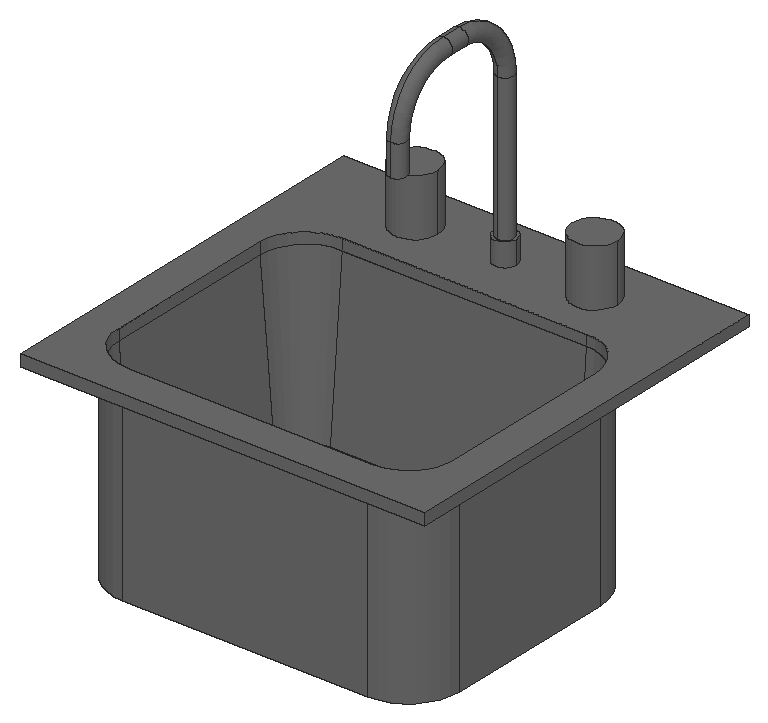
Revit family "M_Sink Kitchen-Island", category 위생기구, Revit 2026
Family settings
  원형 커넥터 치수 = 지름 사용
  부품 유형 = 보통
  작업 기준면 기반 = 아니오
  뷰에서 절단 사용 = 아니오
  항상 수직 = 예
  로드될 때 보이드를 사용하여 절단 = 아니오
  주석 방향 유지 = 아니오
  공유 = 예
  룸 계산 점 = 아니오
Parameters (values of type "450 x 450mm")
  기본 높이 = 0.00 mm
  Counter Height [instance] = 900.00 mm
  Depth = 450.00 mm
  Fixture Material = Metal - Steel, Polished
  Sink Material = Metal - Steel, Polished
  Width = 450.00 mm
Reference planes
  plane 1 "Center (Front/Back)": y = 2.345
  plane 2: z = 0
  plane 3 "Center (Left/Right)": x = 15.689
  plane 4: y = 227.345
  plane 5: y = -222.655
  plane 6: x = -209.311
  plane 7: x = 240.689
  plane 8 "Top Of Counter": z = 900
  plane 9: z = 912.7
  plane 10: z = 684.1
  plane 11: y = 113.045
  plane 12: x = -171.211
  plane 13: y = -184.555
  plane 14: x = 202.589
  plane 15: x = -84.311
  plane 16: x = 115.689
  plane 17: y = 170.195
  plane 18: y = 170.195
  plane 19: y = 170.195
  plane 20: z = 1163.525
  plane 21: y = 20.97
  plane 22: z = 976.2
  plane 23: z = 938.1
Forms (mm)
  Extrusion 1, solid, material "Metal - Steel, Polished" <- "Sink Material"
    sketch origin (0, 0, 0) x (1, 0, 0) y (0, 1, 0)
      loop
        line (-209.311, 227.345) -> (-209.311, -222.655) -> (240.689, -222.655) -> (240.689, 227.345) -> (-209.311, 227.345)
      loop
        arc (-120.411, 113.045) -> (-156.332, 98.166) -> (-171.211, 62.245) r 50.8
        line (-171.211, 62.245) -> (-171.211, -133.755)
        arc (-171.211, -133.755) -> (-156.332, -169.676) -> (-120.411, -184.555) r 50.8
        line (-120.411, -184.555) -> (151.789, -184.555)
        arc (151.789, -184.555) -> (187.71, -169.676) -> (202.589, -133.755) r 50.8
        line (202.589, -133.755) -> (202.589, 62.245)
        arc (202.589, 62.245) -> (187.71, 98.166) -> (151.789, 113.045) r 50.8
        line (151.789, 113.045) -> (-120.411, 113.045)
    from 900 to 912.7
  Sweep 2, solid, material "Metal - Steel, Polished" <- "Sink Material"
    path origin (0, 0, 0) x (1, 0, 0) y (0, 1, 0)
      loop
        arc (-120.411, 113.045) -> (-156.332, 98.166) -> (-171.211, 62.245) r 50.8
        line (-171.211, 62.245) -> (-171.211, -133.755)
        arc (-171.211, -133.755) -> (-156.332, -169.676) -> (-120.411, -184.555) r 50.8
        line (-120.411, -184.555) -> (151.789, -184.555)
        arc (151.789, -184.555) -> (187.71, -169.676) -> (202.589, -133.755) r 50.8
        line (202.589, -133.755) -> (202.589, 62.245)
        arc (202.589, 62.245) -> (187.71, 98.166) -> (151.789, 113.045) r 50.8
        line (151.789, 113.045) -> (-120.411, 113.045)
    profile origin (15.689, 0, 0) x (0, 1, 0) y (0, 0, 1)
      loop
        line (113.045, 900) -> (96.511, 711.015)
        arc (96.511, 711.015) -> (90.404, 698.63) -> (77.534, 693.625) r 19.05
        line (77.534, 693.625) -> (74.945, 693.625) -> (74.945, 684.1) -> (119.395, 684.1) -> (119.395, 900) -> (113.045, 900)
  Extrusion 3, solid, material "Metal - Steel, Polished" <- "Sink Material"
    sketch origin (0, 0, 0) x (1, 0, 0) y (0, 1, 0)
      loop
        arc (-120.411, 74.945) -> (-129.391, 71.226) -> (-133.111, 62.245) r 12.7
        line (-133.111, 62.245) -> (-133.111, -133.755)
        arc (-133.111, -133.755) -> (-129.391, -142.735) -> (-120.411, -146.455) r 12.7
        line (-120.411, -146.455) -> (151.789, -146.455)
        arc (151.789, -146.455) -> (160.769, -142.735) -> (164.489, -133.755) r 12.7
        line (164.489, -133.755) -> (164.489, 62.245)
        arc (164.489, 62.245) -> (160.769, 71.226) -> (151.789, 74.945) r 12.7
        line (151.789, 74.945) -> (-120.411, 74.945)
      loop
        circle (15.689, 0) r 25.4
    from 684.1 to 693.625
  Extrusion 4, solid, material "Metal - Steel, Polished" <- "Fixture Material"
    sketch origin (0, 0, 0) x (1, 0, 0) y (0, 1, 0)
      loop
        circle (-84.311, 170.195) r 25.4
      loop
        circle (115.689, 170.195) r 25.4
    from 912.7 to 976.2
  Sweep 5, solid, material "Metal - Steel, Polished" <- "Fixture Material"
    path origin (15.689, 0, 0) x (0, 1, 0) y (0, 0, 1)
      loop
        line (170.195, 912.7) -> (170.195, 1100.025)
        arc (170.195, 1100.025) -> (151.597, 1144.926) -> (106.695, 1163.525) r 63.5
        line (106.695, 1163.525) -> (84.47, 1163.525)
        arc (84.47, 1163.525) -> (39.569, 1144.926) -> (20.97, 1100.025) r 63.5
        line (20.97, 1100.025) -> (20.97, 1065.1)
    profile origin (15.689, 0, 1006.363) x (0, -1, 0) y (1, 0, 0)
      loop
        circle (-170.195, 0) r 9.525
  Extrusion 6, solid, material "Metal - Steel, Polished" <- "Fixture Material"
    sketch origin (0, 0, 0) x (1, 0, 0) y (0, 1, 0)
      loop
        circle (15.689, 170.195) r 12.7
    from 912.7 to 938.1
Cuts and joins
  joined: Sweep 5, Extrusion 6
  joined: Sweep 2, Extrusion 3
Lines and regions (mm)
  Masking region 1
    outline origin (0, 0, 900) x (0, -1, 0) y (1, 0, 0)
      loop
        line (-227.345, -209.311) -> (222.655, -209.311) -> (222.655, 240.689) -> (-227.345, 240.689) -> (-227.345, -209.311)
  symbolic lines
    curve 1: arc (41.089, 0, 900) -> (15.689, 25.4, 900) -> (-9.711, 0, 900) r 25.4
    curve 2: arc (-9.711, 0, 900) -> (15.689, -25.4, 900) -> (41.089, 0, 900) r 25.4
    curve 3: line (-171.211, 62.245, 900) -> (-171.211, -133.755, 900)
    curve 4: line (-120.411, -184.555, 900) -> (151.789, -184.555, 900)
    curve 5: line (202.589, -133.755, 900) -> (202.589, 62.245, 900)
    curve 6: line (151.789, 113.045, 900) -> (28.389, 113.045, 900)
    curve 7: arc (202.589, 62.245, 900) -> (187.71, 98.166, 900) -> (151.789, 113.045, 900) r 50.8
    curve 8: arc (151.789, -184.555, 900) -> (187.71, -169.676, 900) -> (202.589, -133.755, 900) r 50.8
    curve 9: arc (-171.211, -133.755, 900) -> (-156.332, -169.676, 900) -> (-120.411, -184.555, 900) r 50.8
    curve 10: arc (-120.411, 113.045, 900) -> (-156.332, 98.166, 900) -> (-171.211, 62.245, 900) r 50.8
    curve 11: arc (142.689, 172.313, 900) -> (117.289, 197.713, 900) -> (91.889, 172.313, 900) r 25.4
    curve 12: arc (91.889, 172.313, 900) -> (117.289, 146.913, 900) -> (142.689, 172.313, 900) r 25.4
    curve 13: arc (28.389, 170.195, 900) -> (15.689, 182.895, 900) -> (2.989, 170.195, 900) r 12.7
    curve 14: line (2.989, 170.195, 900) -> (2.989, 53.145, 900)
    curve 15: line (28.389, 170.195, 900) -> (28.389, 53.145, 900)
    curve 16: arc (28.389, 53.145, 900) -> (15.689, 40.445, 900) -> (2.989, 53.145, 900) r 12.7
    curve 17: line (2.989, 113.045, 900) -> (-120.411, 113.045, 900)
    curve 18: arc (-58.911, 170.195, 900) -> (-84.311, 195.595, 900) -> (-109.711, 170.195, 900) r 25.4
    curve 19: arc (-109.711, 170.195, 900) -> (-84.311, 144.795, 900) -> (-58.911, 170.195, 900) r 25.4
Dimensions and locks
  equal spacing: plane 6, plane 3 "Center (Left/Right)", plane 7
  "Width": plane 6 to plane 7
  equal spacing: plane 5, plane 1 "Center (Front/Back)", plane 4
  "Depth": plane 5 to plane 4
  "Counter Height": plane 8 "Top Of Counter" to plane 2
  locked: plane 9 to plane 8 "Top Of Counter" at 12.7
  locked: plane 8 "Top Of Counter" to plane 10 at 215.9
  locked: plane 6 to plane 12 at 38.1
  locked: plane 14 to plane 7 at 38.1
  locked: plane 11 to plane 4 at 114.3
  locked: plane 5 to plane 13 at 38.1
  equal spacing: plane 11, plane 17, plane 4
  equal spacing: plane 11, plane 18, plane 4
  equal spacing: plane 4, plane 19, plane 11
  locked: plane 19 to plane 21 at 149.225
  locked: plane 20 to plane 9 at 250.825
  locked: plane 22 to plane 9 at 63.5
  locked: plane 23 to plane 9 at 25.4
  plane 15 to plane 3 "Center (Left/Right)" to plane 16 = 100.00 mm locked, 100.00 mm locked
  aligned and locked: Extrusion 1 sketch curve to plane 5
  aligned and locked: plane 7 to Extrusion 1 sketch curve
  aligned and locked: plane 4 to Extrusion 1 sketch curve
  aligned and locked: Extrusion 1 sketch curve to plane 6
  aligned and locked: plane 8 "Top Of Counter" to Extrusion 1
  aligned and locked: Extrusion 1 to plane 9
  aligned and locked: plane 11 to Extrusion 1 sketch curve
  aligned and locked: plane 14 to Extrusion 1 sketch curve
  aligned and locked: Extrusion 1 sketch curve to plane 12
  aligned and locked: Extrusion 1 sketch curve to plane 13
  aligned and locked: plane 11 to Sweep 2 sketch curve
  aligned and locked: plane 14 to Sweep 2 sketch curve
  aligned and locked: Sweep 2 sketch curve to plane 12
  aligned and locked: Sweep 2 sketch curve to plane 13
  aligned and locked: Sweep 2 to Extrusion 3 sketch curve  (x4)
  aligned and locked: Sweep 2 to Extrusion 3
  aligned and locked: plane 10 to Extrusion 3
  aligned and locked: Sweep 2 sketch curve to plane 10
  aligned and locked: plane 8 "Top Of Counter" to Sweep 2 sketch curve
  aligned and locked: Extrusion 4 to Extrusion 1
  aligned and locked: Extrusion 6 to Extrusion 1
  aligned and locked: Sweep 5 sketch curve to plane 19
  aligned and locked: plane 20 to Sweep 5 sketch curve
  aligned and locked: plane 21 to Sweep 5 sketch curve
  aligned and locked: Extrusion 4 to plane 22
  aligned and locked: Extrusion 6 to plane 23
  aligned and locked: plane 7 to Masking region 1 sketch curve
  aligned and locked: Masking region 1 sketch curve to plane 5
  aligned and locked: Masking region 1 sketch curve to plane 6
  aligned and locked: plane 4 to Masking region 1 sketch curve
  aligned and locked: curve 18 to Extrusion 4
  aligned and locked: plane 16 to Extrusion 4 sketch curve
  aligned and locked: plane 17 to Extrusion 4 sketch curve  (x2)
  aligned and locked: plane 15 to Extrusion 4 sketch curve
Automatic sketch dimensions
  Sweep 2 sketch curve to plane 12 = 50.80 mm
  Sweep 2 sketch curve to Sweep 2 sketch curve = 50.80 mm
  plane 11 to Sweep 2 sketch curve = 50.80 mm
  plane 14 to Sweep 2 sketch curve = 50.80 mm
  Extrusion 1 sketch curve to plane 12 = 50.80 mm  (x2)
  plane 14 to Extrusion 1 sketch curve = 50.80 mm  (x2)
  Extrusion 3 sketch curve to plane 3 "Center (Left/Right)" = 0.00 mm
  Extrusion 3 sketch curve to Extrusion 3 sketch curve = 12.70 mm  (x4)
  plane 1 "Center (Front/Back)" to Extrusion 3 sketch curve = 2.345 mm
  Extrusion 3 sketch curve to plane 3 "Center (Left/Right)" = 25.40 mm
  Sweep 2 sketch curve to profile plane = 0.00 mm
  profile plane to Sweep 2 sketch curve = 16.534 mm
  Sweep 2 sketch curve to Sweep 2 sketch curve = 18.978 mm
  Sweep 2 sketch curve to Sweep 2 sketch curve = 2.588 mm
  Sweep 2 sketch curve to profile plane = 6.35 mm
  Sweep 2 sketch curve to Sweep 2 sketch curve = 9.525 mm
  Sweep 2 sketch curve to Sweep 2 sketch curve = 17.39 mm
  plane 15 to Extrusion 4 sketch curve = 25.40 mm
  plane 16 to Extrusion 4 sketch curve = 25.40 mm
  Sweep 5 sketch curve to plane 3 "Center (Left/Right)" = 0.00 mm
  Sweep 5 sketch curve to profile plane = 0.00 mm
  profile plane to Sweep 5 sketch curve = 9.525 mm
  Extrusion 6 sketch curve to plane 18 = 0.00 mm
  Extrusion 6 sketch curve to plane 3 "Center (Left/Right)" = 0.00 mm
  Extrusion 6 sketch curve to plane 3 "Center (Left/Right)" = 12.70 mm
  Sweep 5 sketch curve to plane 9 = 0.00 mm
  Sweep 5 sketch curve to Sweep 5 sketch curve = 63.50 mm
  plane 11 to Sweep 5 sketch curve = 6.35 mm
  Sweep 5 sketch curve to Sweep 5 sketch curve = 34.925 mm
  curve 17 to plane 11 = 0.00 mm
  curve 6 to plane 11 = 0.00 mm
  curve 5 to plane 14 = 0.00 mm
  curve 3 to plane 12 = 0.00 mm
  curve 16 to plane 3 "Center (Left/Right)" = 0.00 mm
  curve 2 to plane 3 "Center (Left/Right)" = 0.00 mm
  curve 4 to plane 13 = 0.00 mm
  plane 4 to curve 13 = 57.15 mm
  plane 4 to curve 11 = 55.032 mm
  plane 11 to curve 7 = 50.80 mm
  plane 11 to curve 10 = 50.80 mm
  curve 15 to plane 1 "Center (Front/Back)" = 50.80 mm
  curve 16 to plane 3 "Center (Left/Right)" = 12.70 mm
  plane 1 "Center (Front/Back)" to curve 1 = 2.345 mm
  curve 3 to plane 13 = 50.80 mm
  curve 8 to plane 13 = 50.80 mm
  curve 2 to plane 3 "Center (Left/Right)" = 25.40 mm
  curve 13 to curve 12 = 63.50 mm
  curve 11 to curve 12 = 25.40 mm
